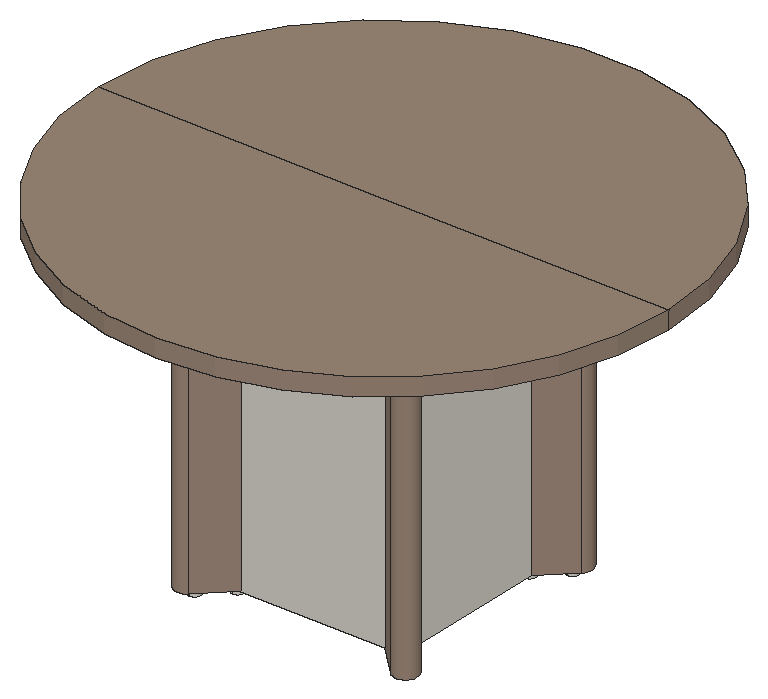
Revit family "Table-Teknion-CFRFFN_Figure_Table_Round_Gable_Enclosed_Base_Flat_Edge-R2023", category Furniture, Revit 2023
Family settings
  OmniClass Number = 23.40.20.00
  OmniClass Title = General Furniture and Specialties
  Work Plane-Based = No
  Enable Cutting in Views = No
  Always vertical = Yes
  Cut with Voids When Loaded = No
  Render Appearance Source = Family Geometry
  Shared = Yes
  Room Calculation Point = No
Parameters (values of type "Figure Table, Round, Gable Enclosed Base, Flat Edge")
  Width [instance] = 48.000"
  Warranty = "http://www.teknion.com/ca/papers/legal-canada"
  Unit Weight URL = "http://www.teknion.com/ca/tools/assets#&asset=bee6a381-b954-425e-8283-5a2de3a804f2,f828d448-4b62-4231-9e5f-9a8991c0ed77"
  URL = "www.teknion.com"
  Top Finish [instance] = Veneer -Teknion - UU - Rustic Oak - Sierra
  To render please download texture images found here [instance] = "https://assets.teknion.com/web/5e81352c1dfdb467/revit-material-swatches/"
  Sustainability Data = "https://www.teknion.com/ca/tools/assets#&topic=216f99a5-57a0-44fc-b10a-9dee9b29ae4c&asset=444deb64-fe58-4b68-981e-f75e97781df7,b4ff2d81-9f2e-437d-9659-7cffb09c31cf"
  Surface Power Access [instance] = if(Width > 75.000", "Select one option for surface power access. AB are not available for selected width.", if(Width = 48.000", "Only NN available for selected width.", "Select one option for surface power access. AF are not available for selected width."))  # "Only NN available for selected width."
  Series = "Custom Wood Boardroom & Reception Tables"  # constant formula
  Product Page URL = "https://www.teknion.com/ca/products/product-details?productLineId=f182336e-8e7a-673b-a6c8-ff00004460c4"
  Product Line = "Figure Table"  # constant formula
  Product Documentation Link = "https://d2r72yk5wmppdj.cloudfront.net/m/7b6608f508e3c5a8/Community_Table_Cut_Sheet.pdf"
  Part Number = "CFRFFN"  # constant formula
  NN - None [instance] = not((or([AB - 7" Compact Access Door], [AF - 12" Standard Access Door])))  # yes
  Model = "CFRFFN__"
  Manufacturer Phone = "416-661-3370"  # constant formula
  Manufacturer Fax = "416.661.4586"  # constant formula
  Manufacturer Contact Information = "http://www.teknion.com/ca/contactus"
  Manufacturer Address = "1150 Flint Road, Toronto, ON. M3J 2J5. Canada"  # constant formula
  Manufacturer = "Teknion"  # constant formula
  MR - 78W + AF [instance] = and(Width = 78.000", [AF - 12" Standard Access Door])  # no
  How To Use Teknion Materials User Guide [instance] = "https://assets.teknion.com/m/205dd0a49fa58060/original/How-to-add-a-Material-Library-and-Texture-Images-to-your-Revit-project.pdf"
  Glide Finish [instance] = Paint - Teknion - Foundation - Sand
  For Additional Finishes please visit [instance] = "https://assets.teknion.com/m/44a8009b046e5d47/original/Teknion_Materials_Library.zip"
  Dim 1 [instance] = if([2 - AB], 6.000", if(Width = 90.000", 15.000", if(Width = 84.000", 12.000", 9.000")))  # 9.000"
  Description = "Figure Table, Round, Gable Enclosed Base, Flat Edge"
  Default Elevation = 0.000"
  Cut-Out - AF [instance] = if([AF - 12" Standard Access Door], 5.000", 0.300")  # 0.300"
  Cut-Out - AB 2 [instance] = if([2 - AB], 4.000", 0.300")  # 0.300"
  Cut-Out - AB 1 [instance] = if([1 - AB], 4.000", 0.300")  # 0.300"
  Base Finish [instance] = Veneer -Teknion - UU - Rustic Oak - Sierra
  Base Accent Finish [instance] = Paint - Teknion - Foundation - Sand
  Available Width [instance] = "48, 54, 60, 66, 72, 78, 84 & 90 Inch"  # constant formula
  Assembly Code = "E2020200"
  Access Door Finish [instance] = Paint - Teknion - Foundation - Sand
  AF - 12" Standard Access Door [instance] = no
  AB - 7" Compact Access Door [instance] = no
  2 - AB [instance] = and((or(Width = 66.000", Width = 72.000")), [AB - 7" Compact Access Door])  # no
  1 - AB [instance] = and((or(Width = 54.000", Width = 60.000")), [AB - 7" Compact Access Door])  # no
Reference planes (in)
  plane 1 "Center Front/Back": y = 0
  plane 2: z = 0
  plane 3 "Center Left/Right": x = 0
  plane 4 "Left": x = -24
  plane 5 "Right": x = 24
  plane 6 "Back": y = 24
  plane 7 "Front": y = -24
  plane 8 "Top": z = 29
  plane 9: y = 9
  plane 10: y = -9
  plane 11: z = 27.5
  plane 12: z = 26.75197
Forms (in)
  Revolve 1, solid, material "Veneer -Teknion - UU - Rustic Oak - Sierra" <- "Top Finish"
    sketch origin (0, 0, 0) x (1, 0, 0) y (0, 0, 1)
      loop
        line (0, 29) -> (0, 27.5) -> (24, 27.5) -> (24, 29) -> (0, 29)
      axis (0, 29) -> (0, 27.5)
    angle from 0 to 360
  Revolve 2, solid, material "Veneer -Teknion - UU - Rustic Oak - Sierra" <- "Top Finish"
    sketch origin (0, 0, 0) x (1, 0, 0) y (0, 0, 1)
      loop
        line (7, 27.5) -> (7, 26.75197) -> (16, 26.75197) -> (16, 27.5) -> (7, 27.5)
      axis (0, 27.5) -> (0, 26.75197)
    angle from 0 to 360
  Sweep 3, void
    path origin (0, 0, 0) x (1, 0, 0) y (0, 0, 1)
      loop
        line (0, 32.19606) -> (0, 32.49606)
    profile origin (0, 0, 32.34606) x (-1, 0, 0) y (0, -1, 0)
      loop
        line (-5.91732, 11.29921) -> (-5.91732, 6.70079)
        arc (-5.91732, 6.70079) -> (-5.80201, 6.4224) -> (-5.52362, 6.30709) r 0.3937
        line (-5.52362, 6.30709) -> (5.52362, 6.30709)
        arc (5.52362, 6.30709) -> (5.80201, 6.4224) -> (5.91732, 6.70079) r 0.3937
        line (5.91732, 6.70079) -> (5.91732, 11.29921)
        arc (5.91732, 11.29921) -> (5.80201, 11.5776) -> (5.52362, 11.69291) r 0.3937
        line (5.52362, 11.69291) -> (-5.52362, 11.69291)
        arc (-5.52362, 11.69291) -> (-5.80201, 11.5776) -> (-5.91732, 11.29921) r 0.3937
      loop
        line (-5.91732, -6.70079) -> (-5.91732, -11.29921)
        arc (-5.91732, -11.29921) -> (-5.80201, -11.5776) -> (-5.52362, -11.69291) r 0.3937
        line (-5.52362, -11.69291) -> (5.52362, -11.69291)
        arc (5.52362, -11.69291) -> (5.80201, -11.5776) -> (5.91732, -11.29921) r 0.3937
        line (5.91732, -11.29921) -> (5.91732, -6.70079)
        arc (5.91732, -6.70079) -> (5.80201, -6.4224) -> (5.52362, -6.30709) r 0.3937
        line (5.52362, -6.30709) -> (-5.52362, -6.30709)
        arc (-5.52362, -6.30709) -> (-5.80201, -6.4224) -> (-5.91732, -6.70079) r 0.3937
  Sweep 4, void
    path origin (0, 0, 0) x (1, 0, 0) y (0, 0, 1)
      loop
        line (0, 22.79606) -> (0, 22.49606)
    profile origin (0, 0, 22.64606) x (0, -1, 0) y (1, 0, 0)
      loop
        line (5.25, 8) -> (5.25, -8)
        arc (5.25, -8) -> (5.39645, -8.35355) -> (5.75, -8.5) r 0.5
        line (5.75, -8.5) -> (12.25, -8.5)
        arc (12.25, -8.5) -> (12.60355, -8.35355) -> (12.75, -8) r 0.5
        line (12.75, -8) -> (12.75, 8)
        arc (12.75, 8) -> (12.60355, 8.35355) -> (12.25, 8.5) r 0.5
        line (12.25, 8.5) -> (5.75, 8.5)
        arc (5.75, 8.5) -> (5.39645, 8.35355) -> (5.25, 8) r 0.5
      loop
        line (-5.25, -8) -> (-5.25, 8)
        arc (-5.25, 8) -> (-5.39645, 8.35355) -> (-5.75, 8.5) r 0.5
        line (-5.75, 8.5) -> (-12.25, 8.5)
        arc (-12.25, 8.5) -> (-12.60355, 8.35355) -> (-12.75, 8) r 0.5
        line (-12.75, 8) -> (-12.75, -8)
        arc (-12.75, -8) -> (-12.60355, -8.35355) -> (-12.25, -8.5) r 0.5
        line (-12.25, -8.5) -> (-5.75, -8.5)
        arc (-5.75, -8.5) -> (-5.39645, -8.35355) -> (-5.25, -8) r 0.5
  Sweep 5, void
    path origin (0, 0, 0) x (1, 0, 0) y (0, 0, 1)
      loop
        line (0, 31.2) -> (0, 31.5)
    profile origin (0, 0, 31.35) x (-1, 0, 0) y (0, -1, 0)
      loop
        line (3.00394, 2.69291) -> (-3.00394, 2.69291)
        arc (-3.00394, 2.69291) -> (-3.28233, 2.5776) -> (-3.39764, 2.29921) r 0.3937
        line (-3.39764, 2.29921) -> (-3.39764, -2.29921)
        arc (-3.39764, -2.29921) -> (-3.28233, -2.5776) -> (-3.00394, -2.69291) r 0.3937
        line (-3.00394, -2.69291) -> (3.00394, -2.69291)
        arc (3.00394, -2.69291) -> (3.28233, -2.5776) -> (3.39764, -2.29921) r 0.3937
        line (3.39764, -2.29921) -> (3.39764, 2.29921)
        arc (3.39764, 2.29921) -> (3.28233, 2.5776) -> (3.00394, 2.69291) r 0.3937
  Sweep 6, void
    path origin (0, 0, 0) x (1, 0, 0) y (0, 0, 1)
      loop
        line (0, 31.5) -> (0, 31.2)
    profile origin (0, 0, 31.35) x (0, -1, 0) y (1, 0, 0)
      loop
        line (6.30709, 3.00394) -> (6.30709, -3.00394)
        arc (6.30709, -3.00394) -> (6.4224, -3.28233) -> (6.70079, -3.39764) r 0.3937
        line (6.70079, -3.39764) -> (11.29921, -3.39764)
        arc (11.29921, -3.39764) -> (11.5776, -3.28233) -> (11.69291, -3.00394) r 0.3937
        line (11.69291, -3.00394) -> (11.69291, 3.00394)
        arc (11.69291, 3.00394) -> (11.5776, 3.28233) -> (11.29921, 3.39764) r 0.3937
        line (11.29921, 3.39764) -> (6.70079, 3.39764)
        arc (6.70079, 3.39764) -> (6.4224, 3.28233) -> (6.30709, 3.00394) r 0.3937
      loop
        arc (-6.30709, 3.00394) -> (-6.4224, 3.28233) -> (-6.70079, 3.39764) r 0.3937
        line (-6.70079, 3.39764) -> (-11.29921, 3.39764)
        arc (-11.29921, 3.39764) -> (-11.5776, 3.28233) -> (-11.69291, 3.00394) r 0.3937
        line (-11.69291, 3.00394) -> (-11.69291, -3.00394)
        arc (-11.69291, -3.00394) -> (-11.5776, -3.28233) -> (-11.29921, -3.39764) r 0.3937
        line (-11.29921, -3.39764) -> (-6.70079, -3.39764)
        arc (-6.70079, -3.39764) -> (-6.4224, -3.28233) -> (-6.30709, -3.00394) r 0.3937
        line (-6.30709, -3.00394) -> (-6.30709, 3.00394)
  Sweep 7, void
    path origin (0, 0, 0) x (1, 0, 0) y (0, 0, 1)
      loop
        line (0, 23.5) -> (0, 23.8)
    profile origin (0, 0, 23.65) x (-1, 0, 0) y (0, -1, 0)
      loop
        line (-6, 12.25) -> (-6, 5.75)
        arc (-6, 5.75) -> (-5.85355, 5.39645) -> (-5.5, 5.25) r 0.5
        line (-5.5, 5.25) -> (5.5, 5.25)
        arc (5.5, 5.25) -> (5.85355, 5.39645) -> (6, 5.75) r 0.5
        line (6, 5.75) -> (6, 12.25)
        arc (6, 12.25) -> (5.85355, 12.60355) -> (5.5, 12.75) r 0.5
        line (5.5, 12.75) -> (-5.5, 12.75)
        arc (-5.5, 12.75) -> (-5.85355, 12.60355) -> (-6, 12.25) r 0.5
      loop
        arc (-6, -12.25) -> (-5.85355, -12.60355) -> (-5.5, -12.75) r 0.5
        line (-5.5, -12.75) -> (5.5, -12.75)
        arc (5.5, -12.75) -> (5.85355, -12.60355) -> (6, -12.25) r 0.5
        line (6, -12.25) -> (6, -5.75)
        arc (6, -5.75) -> (5.85355, -5.39645) -> (5.5, -5.25) r 0.5
        line (5.5, -5.25) -> (-5.5, -5.25)
        arc (-5.5, -5.25) -> (-5.85355, -5.39645) -> (-6, -5.75) r 0.5
        line (-6, -5.75) -> (-6, -12.25)
Cuts and joins
  Sweep 3, Sweep 5, Sweep 6 cuts Revolve 1
  Sweep 4, Sweep 7 cuts Revolve 2
  joined: Revolve 1, Revolve 2
Lines and regions (in)
  Masking region 1, visible <- "NN - None"
    outline origin (0, 0, 0) x (1, 0, 0) y (0, 1, 0)
      loop
        circle (0, 0) r 24
  Masking region 2, visible <- "1 - AB"
    outline origin (0, 0, 0) x (1, 0, 0) y (0, 1, 0)
      loop
        circle (0, 0) r 24
      loop
        arc (3.0315, 1.96727) -> (3.11414, 1.93304) -> (3.14837, 1.85039) r 0.11687
        line (3.14837, 1.85039) -> (3.14837, 1.55173) -> (3.22045, 1.55173) -> (3.22045, 2.28346)
        arc (3.22045, 2.28346) -> (3.15242, 2.4477) -> (2.98819, 2.51573) r 0.23226
        line (2.98819, 2.51573) -> (-2.98819, 2.51573)
        arc (-2.98819, 2.51573) -> (-3.15242, 2.4477) -> (-3.22045, 2.28346) r 0.23226
        line (-3.22045, 2.28346) -> (-3.22045, 1.55173) -> (-3.14837, 1.55173) -> (-3.14837, 1.85039)
        arc (-3.14837, 1.85039) -> (-3.11414, 1.93304) -> (-3.0315, 1.96727) r 0.11687
        line (-3.0315, 1.96727) -> (3.0315, 1.96727)
      loop
        arc (-3.0315, -1.96727) -> (-3.11414, -1.93304) -> (-3.14837, -1.85039) r 0.11687
        line (-3.14837, -1.85039) -> (-3.14837, -1.55173) -> (-3.22045, -1.55173) -> (-3.22045, -2.28346)
        arc (-3.22045, -2.28346) -> (-3.15242, -2.4477) -> (-2.98819, -2.51573) r 0.23226
        line (-2.98819, -2.51573) -> (2.98819, -2.51573)
        arc (2.98819, -2.51573) -> (3.15242, -2.4477) -> (3.22045, -2.28346) r 0.23226
        line (3.22045, -2.28346) -> (3.22045, -1.55173) -> (3.14837, -1.55173) -> (3.14837, -1.85039)
        arc (3.14837, -1.85039) -> (3.11414, -1.93304) -> (3.0315, -1.96727) r 0.11687
        line (3.0315, -1.96727) -> (-3.0315, -1.96727)
  Masking region 3, visible <- "AF - 12" Standard Access Door"
    outline origin (0, 0, 0) x (1, 0, 0) y (0, 1, 0)
      loop
        circle (0, 0) r 24
      loop
        arc (-5.55118, -10.96727) -> (-5.63382, -10.93304) -> (-5.66805, -10.85039) r 0.11687
        line (-5.66805, -10.85039) -> (-5.66805, -10.55173) -> (-5.74014, -10.55173) -> (-5.74014, -11.28346)
        arc (-5.74014, -11.28346) -> (-5.67211, -11.4477) -> (-5.50787, -11.51573) r 0.23226
        line (-5.50787, -11.51573) -> (5.50787, -11.51573)
        arc (5.50787, -11.51573) -> (5.67211, -11.4477) -> (5.74014, -11.28346) r 0.23226
        line (5.74014, -11.28346) -> (5.74014, -10.55173) -> (5.66805, -10.55173) -> (5.66805, -10.85039)
        arc (5.66805, -10.85039) -> (5.63382, -10.93304) -> (5.55118, -10.96727) r 0.11687
        line (5.55118, -10.96727) -> (-5.55118, -10.96727)
      loop
        arc (-5.50787, -6.48427) -> (-5.67211, -6.5523) -> (-5.74014, -6.71654) r 0.23226
        line (-5.74014, -6.71654) -> (-5.74014, -7.44827) -> (-5.66805, -7.44827) -> (-5.66805, -7.14961)
        arc (-5.66805, -7.14961) -> (-5.63382, -7.06696) -> (-5.55118, -7.03273) r 0.11687
        line (-5.55118, -7.03273) -> (5.55118, -7.03273)
        arc (5.55118, -7.03273) -> (5.63382, -7.06696) -> (5.66805, -7.14961) r 0.11687
        line (5.66805, -7.14961) -> (5.66805, -7.44827) -> (5.74014, -7.44827) -> (5.74014, -6.71654)
        arc (5.74014, -6.71654) -> (5.67211, -6.5523) -> (5.50787, -6.48427) r 0.23226
        line (5.50787, -6.48427) -> (-5.50787, -6.48427)
      loop
        arc (5.55118, 10.96727) -> (5.63382, 10.93304) -> (5.66805, 10.85039) r 0.11687
        line (5.66805, 10.85039) -> (5.66805, 10.55173) -> (5.74014, 10.55173) -> (5.74014, 11.28346)
        arc (5.74014, 11.28346) -> (5.67211, 11.4477) -> (5.50787, 11.51573) r 0.23226
        line (5.50787, 11.51573) -> (-5.50787, 11.51573)
        arc (-5.50787, 11.51573) -> (-5.67211, 11.4477) -> (-5.74014, 11.28346) r 0.23226
        line (-5.74014, 11.28346) -> (-5.74014, 10.55173) -> (-5.66805, 10.55173) -> (-5.66805, 10.85039)
        arc (-5.66805, 10.85039) -> (-5.63382, 10.93304) -> (-5.55118, 10.96727) r 0.11687
        line (-5.55118, 10.96727) -> (5.55118, 10.96727)
      loop
        arc (-5.55118, 7.03273) -> (-5.63382, 7.06696) -> (-5.66805, 7.14961) r 0.11687
        line (-5.66805, 7.14961) -> (-5.66805, 7.44827) -> (-5.74014, 7.44827) -> (-5.74014, 6.71654)
        arc (-5.74014, 6.71654) -> (-5.67211, 6.5523) -> (-5.50787, 6.48427) r 0.23226
        line (-5.50787, 6.48427) -> (5.50787, 6.48427)
        arc (5.50787, 6.48427) -> (5.67211, 6.5523) -> (5.74014, 6.71654) r 0.23226
        line (5.74014, 6.71654) -> (5.74014, 7.44827) -> (5.66805, 7.44827) -> (5.66805, 7.14961)
        arc (5.66805, 7.14961) -> (5.63382, 7.06696) -> (5.55118, 7.03273) r 0.11687
        line (5.55118, 7.03273) -> (-5.55118, 7.03273)
  Masking region 4, visible <- "2 - AB"
    outline origin (0, 0, 0) x (1, 0, 0) y (0, 1, 0)
      loop
        circle (0, 0) r 24
      loop
        arc (3.0315, 10.96727) -> (3.11414, 10.93304) -> (3.14837, 10.85039) r 0.11687
        line (3.14837, 10.85039) -> (3.14837, 10.55173) -> (3.22045, 10.55173) -> (3.22045, 11.28346)
        arc (3.22045, 11.28346) -> (3.15242, 11.4477) -> (2.98819, 11.51573) r 0.23226
        line (2.98819, 11.51573) -> (-2.98819, 11.51573)
        arc (-2.98819, 11.51573) -> (-3.15242, 11.4477) -> (-3.22045, 11.28346) r 0.23226
        line (-3.22045, 11.28346) -> (-3.22045, 10.55173) -> (-3.14837, 10.55173) -> (-3.14837, 10.85039)
        arc (-3.14837, 10.85039) -> (-3.11414, 10.93304) -> (-3.0315, 10.96727) r 0.11687
        line (-3.0315, 10.96727) -> (3.0315, 10.96727)
      loop
        arc (-3.0315, 7.03273) -> (-3.11414, 7.06696) -> (-3.14837, 7.14961) r 0.11687
        line (-3.14837, 7.14961) -> (-3.14837, 7.44827) -> (-3.22045, 7.44827) -> (-3.22045, 6.71654)
        arc (-3.22045, 6.71654) -> (-3.15242, 6.5523) -> (-2.98819, 6.48427) r 0.23226
        line (-2.98819, 6.48427) -> (2.98819, 6.48427)
        arc (2.98819, 6.48427) -> (3.15242, 6.5523) -> (3.22045, 6.71654) r 0.23226
        line (3.22045, 6.71654) -> (3.22045, 7.44827) -> (3.14837, 7.44827) -> (3.14837, 7.14961)
        arc (3.14837, 7.14961) -> (3.11414, 7.06696) -> (3.0315, 7.03273) r 0.11687
        line (3.0315, 7.03273) -> (-3.0315, 7.03273)
      loop
        arc (3.0315, -7.03273) -> (3.11414, -7.06696) -> (3.14837, -7.14961) r 0.11687
        line (3.14837, -7.14961) -> (3.14837, -7.44827) -> (3.22045, -7.44827) -> (3.22045, -6.71654)
        arc (3.22045, -6.71654) -> (3.15242, -6.5523) -> (2.98819, -6.48427) r 0.23226
        line (2.98819, -6.48427) -> (-2.98819, -6.48427)
        arc (-2.98819, -6.48427) -> (-3.15242, -6.5523) -> (-3.22045, -6.71654) r 0.23226
        line (-3.22045, -6.71654) -> (-3.22045, -7.44827) -> (-3.14837, -7.44827) -> (-3.14837, -7.14961)
        arc (-3.14837, -7.14961) -> (-3.11414, -7.06696) -> (-3.0315, -7.03273) r 0.11687
        line (-3.0315, -7.03273) -> (3.0315, -7.03273)
      loop
        arc (-3.0315, -10.96727) -> (-3.11414, -10.93304) -> (-3.14837, -10.85039) r 0.11687
        line (-3.14837, -10.85039) -> (-3.14837, -10.55173) -> (-3.22045, -10.55173) -> (-3.22045, -11.28346)
        arc (-3.22045, -11.28346) -> (-3.15242, -11.4477) -> (-2.98819, -11.51573) r 0.23226
        line (-2.98819, -11.51573) -> (2.98819, -11.51573)
        arc (2.98819, -11.51573) -> (3.15242, -11.4477) -> (3.22045, -11.28346) r 0.23226
        line (3.22045, -11.28346) -> (3.22045, -10.55173) -> (3.14837, -10.55173) -> (3.14837, -10.85039)
        arc (3.14837, -10.85039) -> (3.11414, -10.93304) -> (3.0315, -10.96727) r 0.11687
        line (3.0315, -10.96727) -> (-3.0315, -10.96727)
  Masking region 5, visible <- "1 - AB"
    outline origin (0, 0, 0) x (1, 0, 0) y (0, 1, 0)
      loop
        line (-0.55305, 1.96727) -> (-1.10151, 2.51573) -> (-2.98819, 2.51573)
        arc (-2.98819, 2.51573) -> (-3.15242, 2.4477) -> (-3.22045, 2.28346) r 0.23226
        line (-3.22045, 2.28346) -> (-3.22045, 1.80624) -> (-3.14837, 1.73416) -> (-3.14837, 1.85039)
        arc (-3.14837, 1.85039) -> (-3.11414, 1.93304) -> (-3.0315, 1.96727) r 0.11687
        line (-3.0315, 1.96727) -> (-0.55305, 1.96727)
      loop
        line (0.55305, 1.96727) -> (3.0315, 1.96727)
        arc (3.0315, 1.96727) -> (3.11414, 1.93304) -> (3.14837, 1.85039) r 0.11687
        line (3.14837, 1.85039) -> (3.14837, 1.73416) -> (3.22045, 1.80624) -> (3.22045, 2.28346)
        arc (3.22045, 2.28346) -> (3.15242, 2.4477) -> (2.98819, 2.51573) r 0.23226
        line (2.98819, 2.51573) -> (1.10151, 2.51573) -> (0.55305, 1.96727)
      loop
        arc (-3.0315, -1.96727) -> (-3.11414, -1.93304) -> (-3.14837, -1.85039) r 0.11687
        line (-3.14837, -1.85039) -> (-3.14837, -1.73416) -> (-3.22045, -1.80624) -> (-3.22045, -2.28346)
        arc (-3.22045, -2.28346) -> (-3.15242, -2.4477) -> (-2.98819, -2.51573) r 0.23226
        line (-2.98819, -2.51573) -> (-1.10151, -2.51573) -> (-0.55305, -1.96727) -> (-3.0315, -1.96727)
      loop
        arc (2.98819, -2.51573) -> (3.15242, -2.4477) -> (3.22045, -2.28346) r 0.23226
        line (3.22045, -2.28346) -> (3.22045, -1.80624) -> (3.14837, -1.73416) -> (3.14837, -1.85039)
        arc (3.14837, -1.85039) -> (3.11414, -1.93304) -> (3.0315, -1.96727) r 0.11687
        line (3.0315, -1.96727) -> (0.55305, -1.96727) -> (1.10151, -2.51573) -> (2.98819, -2.51573)
  Masking region 6, visible <- "2 - AB"
    outline origin (0, 0, 0) x (1, 0, 0) y (0, 1, 0)
      loop
        line (-2.61852, -7.03273) -> (-2.07006, -6.48427) -> (-2.98819, -6.48427)
        arc (-2.98819, -6.48427) -> (-3.15242, -6.5523) -> (-3.22045, -6.71654) r 0.23226
        line (-3.22045, -6.71654) -> (-3.22045, -7.44827) -> (-3.14837, -7.44827) -> (-3.14837, -7.14961)
        arc (-3.14837, -7.14961) -> (-3.11414, -7.06696) -> (-3.0315, -7.03273) r 0.11687
        line (-3.0315, -7.03273) -> (-2.61852, -7.03273)
      loop
        line (2.61852, -7.03273) -> (3.0315, -7.03273)
        arc (3.0315, -7.03273) -> (3.11414, -7.06696) -> (3.14837, -7.14961) r 0.11687
        line (3.14837, -7.14961) -> (3.14837, -7.44827) -> (3.22045, -7.44827) -> (3.22045, -6.71654)
        arc (3.22045, -6.71654) -> (3.15242, -6.5523) -> (2.98819, -6.48427) r 0.23226
        line (2.98819, -6.48427) -> (2.07006, -6.48427) -> (2.61852, -7.03273)
      loop
        line (-2.61852, 7.03273) -> (-3.0315, 7.03273)
        arc (-3.0315, 7.03273) -> (-3.11414, 7.06696) -> (-3.14837, 7.14961) r 0.11687
        line (-3.14837, 7.14961) -> (-3.14837, 7.44827) -> (-3.22045, 7.44827) -> (-3.22045, 6.71654)
        arc (-3.22045, 6.71654) -> (-3.15242, 6.5523) -> (-2.98819, 6.48427) r 0.23226
        line (-2.98819, 6.48427) -> (-2.07006, 6.48427) -> (-2.61852, 7.03273)
      loop
        line (2.61852, 7.03273) -> (2.07006, 6.48427) -> (2.98819, 6.48427)
        arc (2.98819, 6.48427) -> (3.15242, 6.5523) -> (3.22045, 6.71654) r 0.23226
        line (3.22045, 6.71654) -> (3.22045, 7.44827) -> (3.14837, 7.44827) -> (3.14837, 7.14961)
        arc (3.14837, 7.14961) -> (3.11414, 7.06696) -> (3.0315, 7.03273) r 0.11687
        line (3.0315, 7.03273) -> (2.61852, 7.03273)
  Masking region 7, visible <- "MR - 78W + AF"
    outline origin (0, 0, 0) x (1, 0, 0) y (0, 1, 0)
      loop
        line (-5.74014, -7.15435) -> (-5.07006, -6.48427) -> (-5.50787, -6.48427)
        arc (-5.50787, -6.48427) -> (-5.67211, -6.5523) -> (-5.74014, -6.71654) r 0.23226
        line (-5.74014, -6.71654) -> (-5.74014, -7.15435)
      loop
        line (5.74014, -7.15435) -> (5.74014, -6.71654)
        arc (5.74014, -6.71654) -> (5.67211, -6.5523) -> (5.50787, -6.48427) r 0.23226
        line (5.50787, -6.48427) -> (5.07006, -6.48427) -> (5.74014, -7.15435)
      loop
        line (-5.74014, 7.15435) -> (-5.74014, 6.71654)
        arc (-5.74014, 6.71654) -> (-5.67211, 6.5523) -> (-5.50787, 6.48427) r 0.23226
        line (-5.50787, 6.48427) -> (-5.07006, 6.48427) -> (-5.74014, 7.15435)
      loop
        line (5.74014, 7.15435) -> (5.07006, 6.48427) -> (5.50787, 6.48427)
        arc (5.50787, 6.48427) -> (5.67211, 6.5523) -> (5.74014, 6.71654) r 0.23226
        line (5.74014, 6.71654) -> (5.74014, 7.15435)
  symbolic lines
    curve 1: line (0, -109.46563, 26.75197) -> (0, -109.46563, 30.75197)
    curve 2: line (0, -117.46563, 29) -> (0, -117.46563, 31.25)
  symbolic lines, style "FurnitureHiddenLines", visible <- "1 - AB", detail levels fine
    curve 3: line (3.00394, 2.69291, 0) -> (-3.00394, 2.69291, 0)
    curve 4: arc (-3.00394, 2.69291, 0) -> (-3.28233, 2.5776, 0) -> (-3.39764, 2.29921, 0) r 0.3937
    curve 5: line (-3.39764, 2.29921, 0) -> (-3.39764, -2.29921, 0)
    curve 6: arc (-3.39764, -2.29921, 0) -> (-3.28233, -2.5776, 0) -> (-3.00394, -2.69291, 0) r 0.3937
    curve 7: line (-3.00394, -2.69291, 0) -> (3.00394, -2.69291, 0)
    curve 8: arc (3.00394, -2.69291, 0) -> (3.28233, -2.5776, 0) -> (3.39764, -2.29921, 0) r 0.3937
    curve 9: line (3.39764, -2.29921, 0) -> (3.39764, 2.29921, 0)
    curve 10: arc (3.39764, 2.29921, 0) -> (3.28233, 2.5776, 0) -> (3.00394, 2.69291, 0) r 0.3937
  symbolic lines, style "FurnitureHiddenLines", visible <- "AF - 12" Standard Access Door", detail levels fine
    curve 11: line (5.52362, -6.30709, 0) -> (-5.52362, -6.30709, 0)
    curve 12: arc (-5.52362, -6.30709, 0) -> (-5.80201, -6.4224, 0) -> (-5.91732, -6.70079, 0) r 0.3937
    curve 13: line (-5.91732, -6.70079, 0) -> (-5.91732, -11.29921, 0)
    curve 14: arc (-5.91732, -11.29921, 0) -> (-5.80201, -11.5776, 0) -> (-5.52362, -11.69291, 0) r 0.3937
    curve 15: line (-5.52362, -11.69291, 0) -> (5.52362, -11.69291, 0)
    curve 16: arc (5.52362, -11.69291, 0) -> (5.80201, -11.5776, 0) -> (5.91732, -11.29921, 0) r 0.3937
    curve 17: line (5.91732, -11.29921, 0) -> (5.91732, -6.70079, 0)
    curve 18: arc (5.91732, -6.70079, 0) -> (5.80201, -6.4224, 0) -> (5.52362, -6.30709, 0) r 0.3937
    curve 19: line (-5.52362, 6.30709, 0) -> (5.52362, 6.30709, 0)
    curve 20: arc (5.52362, 6.30709, 0) -> (5.80201, 6.4224, 0) -> (5.91732, 6.70079, 0) r 0.3937
    curve 21: line (5.91732, 6.70079, 0) -> (5.91732, 11.29921, 0)
    curve 22: arc (5.91732, 11.29921, 0) -> (5.80201, 11.5776, 0) -> (5.52362, 11.69291, 0) r 0.3937
    curve 23: line (5.52362, 11.69291, 0) -> (-5.52362, 11.69291, 0)
    curve 24: arc (-5.52362, 11.69291, 0) -> (-5.80201, 11.5776, 0) -> (-5.91732, 11.29921, 0) r 0.3937
    curve 25: line (-5.91732, 11.29921, 0) -> (-5.91732, 6.70079, 0)
    curve 26: arc (-5.91732, 6.70079, 0) -> (-5.80201, 6.4224, 0) -> (-5.52362, 6.30709, 0) r 0.3937
  reference lines
    curve 27: line (-24, 24, 0) -> (24, 24, 0)
    curve 28: line (24, 24, 0) -> (24, -24, 0)
    curve 29: line (-24, -24, 0) -> (24, -24, 0)
    curve 30: line (-24, 24, 0) -> (-24, -24, 0)
  symbolic lines, style "FurnitureHiddenLines", visible <- "2 - AB", detail levels fine
    curve 31: line (-3.39764, 11.29921, 0) -> (-3.39764, 6.70079, 0)
    curve 32: arc (-3.39764, 6.70079, 0) -> (-3.28233, 6.4224, 0) -> (-3.00394, 6.30709, 0) r 0.3937
    curve 33: line (-3.00394, 6.30709, 0) -> (3.00394, 6.30709, 0)
    curve 34: arc (3.00394, 6.30709, 0) -> (3.28233, 6.4224, 0) -> (3.39764, 6.70079, 0) r 0.3937
    curve 35: line (3.39764, 6.70079, 0) -> (3.39764, 11.29921, 0)
    curve 36: arc (3.39764, 11.29921, 0) -> (3.28233, 11.5776, 0) -> (3.00394, 11.69291, 0) r 0.3937
    curve 37: line (3.00394, 11.69291, 0) -> (-3.00394, 11.69291, 0)
    curve 38: arc (-3.00394, 11.69291, 0) -> (-3.28233, 11.5776, 0) -> (-3.39764, 11.29921, 0) r 0.3937
    curve 39: line (-3.39764, -6.70079, 0) -> (-3.39764, -11.29921, 0)
    curve 40: arc (-3.39764, -11.29921, 0) -> (-3.28233, -11.5776, 0) -> (-3.00394, -11.69291, 0) r 0.3937
    curve 41: line (-3.00394, -11.69291, 0) -> (3.00394, -11.69291, 0)
    curve 42: arc (3.00394, -11.69291, 0) -> (3.28233, -11.5776, 0) -> (3.39764, -11.29921, 0) r 0.3937
    curve 43: line (3.39764, -11.29921, 0) -> (3.39764, -6.70079, 0)
    curve 44: arc (3.39764, -6.70079, 0) -> (3.28233, -6.4224, 0) -> (3.00394, -6.30709, 0) r 0.3937
    curve 45: line (3.00394, -6.30709, 0) -> (-3.00394, -6.30709, 0)
    curve 46: arc (-3.00394, -6.30709, 0) -> (-3.28233, -6.4224, 0) -> (-3.39764, -6.70079, 0) r 0.3937
  symbolic lines, style "FurnitureHiddenLines", detail levels medium+fine
    curve 47: arc (16, 0, 0) -> (0, 16, 0) -> (-16, 0, 0) r 16
    curve 48: arc (-16, 0, 0) -> (0, -16, 0) -> (16, 0, 0) r 16
Dimensions and locks (in)
  "Width": plane 4 "Left" to plane 5 "Right"
  "Width": plane 6 "Back" to plane 7 "Front"
  locked: plane 8 "Top" to level at 29
  equal spacing: plane 6 "Back", plane 1 "Center Front/Back", plane 7 "Front"
  equal spacing: plane 4 "Left", plane 3 "Center Left/Right", plane 5 "Right"
  "Dim 1": plane 9 to plane 1 "Center Front/Back"
  "Dim 1": plane 10 to plane 1 "Center Front/Back"
  plane 8 "Top" to plane 11 to plane 12 = 1.500" locked, 0.74803" locked
  curve 2 to curve 1 = 8.000"
  locked: Revolve 2 sketch curve to plane 5 "Right" at 8
  locked: Sweep 3 sketch curve to plane 8 "Top" at 3.49606
  "Cut-Out - AF": Sweep 3 sketch curve to Sweep 3 sketch curve
  Sweep 3 sketch curve to Sweep 3 sketch curve to nested 2 to Sweep 3 sketch curve to Sweep 3 sketch curve = 0.3937" locked, 5.52362" locked, 5.52362" locked, 0.3937" locked
  Sweep 3 sketch curve to Sweep 3 sketch curve to nested 2 to Sweep 3 sketch curve to Sweep 3 sketch curve = 0.3937" locked, 2.29921" locked, 2.29921" locked, 0.3937" locked
  Sweep 3 sketch curve to Sweep 3 sketch curve to plane 10 to Sweep 3 sketch curve to Sweep 3 sketch curve = 0.3937" locked, 2.29921" locked, 2.29921" locked, 0.3937" locked
  Sweep 3 sketch curve to Sweep 3 sketch curve to plane 3 "Center Left/Right" to Sweep 3 sketch curve to Sweep 3 sketch curve = 0.3937" locked, 5.52362" locked, 5.52362" locked, 0.3937" locked
  "Cut-Out - AF": Sweep 4 sketch curve to Sweep 4 sketch curve
  locked: plane 12 to Sweep 4 sketch curve at 4.25591
  Sweep 4 sketch curve to Sweep 4 sketch curve to plane 10 to Sweep 4 sketch curve to Sweep 4 sketch curve = 0.500" locked, 3.250" locked, 3.250" locked, 0.500" locked
  Sweep 4 sketch curve to Sweep 4 sketch curve to plane 3 "Center Left/Right" to Sweep 4 sketch curve to Sweep 4 sketch curve = 0.500" locked, 8.000" locked, 8.000" locked, 0.500" locked  (x2)
  Sweep 4 sketch curve to Sweep 4 sketch curve to plane 9 to Sweep 4 sketch curve to Sweep 4 sketch curve = 0.500" locked, 3.250" locked, 3.250" locked, 0.500" locked
  "Cut-Out - AB 1": Sweep 5 sketch curve to Sweep 5 sketch curve
  locked: Sweep 5 sketch curve to plane 8 "Top" at 2.5
  Sweep 5 sketch curve to Sweep 5 sketch curve to plane 1 "Center Front/Back" to Sweep 5 sketch curve to Sweep 5 sketch curve = 0.3937" locked, 2.29921" locked, 2.29921" locked, 0.3937" locked
  Sweep 5 sketch curve to Sweep 5 sketch curve to plane 3 "Center Left/Right" to Sweep 5 sketch curve to Sweep 5 sketch curve = 0.3937" locked, 3.00394" locked, 3.00394" locked, 0.3937" locked
  "Cut-Out - AB 2": Sweep 6 sketch curve to Sweep 6 sketch curve
  locked: Sweep 6 sketch curve to plane 8 "Top" at 2.5
  Sweep 6 sketch curve to Sweep 6 sketch curve to plane 9 to Sweep 6 sketch curve to Sweep 6 sketch curve = 0.3937" locked, 2.29921" locked, 2.29921" locked, 0.3937" locked
  Sweep 6 sketch curve to Sweep 6 sketch curve to plane 10 to Sweep 6 sketch curve to Sweep 6 sketch curve = 0.3937" locked, 2.29921" locked, 2.29921" locked, 0.3937" locked
  Sweep 6 sketch curve to Sweep 6 sketch curve to plane 3 "Center Left/Right" to Sweep 6 sketch curve to Sweep 6 sketch curve = 0.3937" locked, 3.00394" locked, 3.00394" locked, 0.3937" locked  (x2)
  locked: plane 12 to Sweep 7 sketch curve at 3.25197
  "Cut-Out - AB 2": Sweep 7 sketch curve to Sweep 7 sketch curve
  Sweep 7 sketch curve to Sweep 7 sketch curve to plane 3 "Center Left/Right" to Sweep 7 sketch curve to Sweep 7 sketch curve = 0.500" locked, 5.500" locked, 5.500" locked, 0.500" locked  (x2)
  Sweep 7 sketch curve to Sweep 7 sketch curve to plane 10 to Sweep 7 sketch curve to Sweep 7 sketch curve = 0.500" locked, 3.250" locked, 3.250" locked, 0.500" locked
  Sweep 7 sketch curve to Sweep 7 sketch curve to plane 9 to Sweep 7 sketch curve to Sweep 7 sketch curve = 0.500" locked, 3.250" locked, 3.250" locked, 0.500" locked
  locked: Revolve 2 sketch curve to plane 3 "Center Left/Right" at 7
  plane 10 to Masking region 6 sketch curve to Masking region 6 sketch curve to Masking region 6 sketch curve to Masking region 6 sketch curve to Masking region 6 sketch curve = 1.55173" locked, 0.29867" locked, 0.11687" locked, 0.3162" locked, 0.23226" locked  (x2)
  Masking region 6 sketch curve to Masking region 6 sketch curve to Masking region 6 sketch curve to Masking region 6 sketch curve to plane 3 "Center Left/Right" = 0.07208" locked, 0.52985" locked, 0.54846" locked, 2.07006" locked  (x4)
  plane 9 to Masking region 6 sketch curve to Masking region 6 sketch curve to Masking region 6 sketch curve to Masking region 6 sketch curve to Masking region 6 sketch curve = 1.55173" locked, 0.29867" locked, 0.11687" locked, 0.3162" locked, 0.23226" locked  (x2)
  Masking region 7 sketch curve to Masking region 7 sketch curve to Masking region 7 sketch curve to plane 3 "Center Left/Right" = 0.23226" locked, 0.43781" locked, 5.07006" locked  (x4)
  plane 10 to Masking region 7 sketch curve to Masking region 7 sketch curve = 1.84565" locked, 0.67007" locked  (x2)
  plane 9 to Masking region 7 sketch curve to Masking region 7 sketch curve = 1.84565" locked, 0.67007" locked  (x2)
  aligned and locked: level to plane 2
  aligned and locked: Revolve 1 sketch curve to plane 8 "Top"
  aligned and locked: Revolve 1 sketch curve to plane 3 "Center Left/Right"  (x2)
  aligned and locked: plane 11 to Revolve 1 sketch curve
  aligned and locked: Revolve 2 sketch curve to plane 11
  aligned and locked: plane 12 to Revolve 2 sketch curve
  aligned and locked: Revolve 2 sketch curve to plane 3 "Center Left/Right"
  aligned and locked: plane 10 to nested 3
  aligned and locked: plane 3 "Center Left/Right" to nested 3
  aligned and locked: nested 2 to plane 9
  aligned and locked: plane 3 "Center Left/Right" to nested 2
  aligned and locked: plane 1 "Center Front/Back" to nested 1
  aligned and locked: plane 3 "Center Left/Right" to nested 1
  aligned and locked: plane 3 "Center Left/Right" to Sweep 3 sketch curve
  aligned and locked: plane 8 "Top" to nested 3
  aligned and locked: plane 8 "Top" to nested 2
  aligned and locked: plane 8 "Top" to nested 1
  aligned and locked: Sweep 4 sketch curve to plane 3 "Center Left/Right"
  aligned and locked: plane 3 "Center Left/Right" to Sweep 5 sketch curve
  aligned and locked: Masking region 1 sketch curve to cut or joined group of Revolve 1, Revolve 2, Sweep 3, Sweep 4, Sweep 5, Sweep 6, Sweep 7  (x2)
  aligned and locked: Masking region 2 sketch curve to cut or joined group of Revolve 1, Revolve 2, Sweep 3, Sweep 4, Sweep 5, Sweep 6, Sweep 7  (x2)
  aligned and locked: nested 1 to Masking region 2 sketch curve  (x5)
  aligned and locked: Masking region 2 sketch curve to nested 1  (x9)
  aligned and locked: Masking region 3 sketch curve to cut or joined group of Revolve 1, Revolve 2, Sweep 3, Sweep 4, Sweep 5, Sweep 6, Sweep 7  (x2)
  aligned and locked: nested 3 to Masking region 3 sketch curve  (x7)
  aligned and locked: Masking region 3 sketch curve to nested 3  (x9)
  aligned and locked: nested 2 to Masking region 3 sketch curve  (x5)
  aligned and locked: Masking region 3 sketch curve to nested 2  (x10)
  aligned and locked: curve 4 to Sweep 5
  aligned and locked: curve 6 to Sweep 5
  aligned and locked: curve 8 to Sweep 5
  aligned and locked: curve 10 to Sweep 5
  aligned and locked: curve 12 to Sweep 3
  aligned and locked: curve 14 to Sweep 3
  aligned and locked: curve 16 to Sweep 3
  aligned and locked: curve 18 to Sweep 3
  aligned and locked: curve 20 to Sweep 3
  aligned and locked: curve 22 to Sweep 3
  aligned and locked: curve 24 to Sweep 3
  aligned and locked: curve 26 to Sweep 3
  aligned and locked: curve 27 to plane 6 "Back"
  aligned and locked: plane 5 "Right" to curve 28
  aligned and locked: plane 7 "Front" to curve 29
  aligned and locked: curve 30 to plane 4 "Left"
  aligned and locked: plane 1 "Center Front/Back" to nested 4
  aligned and locked: plane 3 "Center Left/Right" to nested 4
  aligned and locked: nested 5 to plane 9
  aligned and locked: plane 10 to nested 6
  aligned and locked: plane 3 "Center Left/Right" to nested 6
  aligned and locked: plane 3 "Center Left/Right" to nested 5
  aligned and locked: Sweep 6 sketch curve to plane 3 "Center Left/Right"
  aligned and locked: plane 3 "Center Left/Right" to Sweep 7 sketch curve
  aligned and locked: curve 32 to Sweep 6
  aligned and locked: curve 34 to Sweep 6
  aligned and locked: curve 36 to Sweep 6
  aligned and locked: curve 38 to Sweep 6
  aligned and locked: curve 40 to Sweep 6
  aligned and locked: curve 42 to Sweep 6
  aligned and locked: curve 44 to Sweep 6
  aligned and locked: curve 46 to Sweep 6
  aligned and locked: Masking region 4 sketch curve to cut or joined group of Revolve 1, Revolve 2, Sweep 3, Sweep 4, Sweep 5, Sweep 6, Sweep 7  (x2)
  aligned and locked: nested 5 to Masking region 4 sketch curve  (x5)
  aligned and locked: Masking region 4 sketch curve to nested 5  (x9)
  aligned and locked: nested 6 to Masking region 4 sketch curve  (x5)
  aligned and locked: Masking region 4 sketch curve to nested 6  (x9)
  aligned and locked: plane 1 "Center Front/Back" to nested 7
  aligned and locked: nested 7 to plane 3 "Center Left/Right"
  aligned and locked: nested 7 to Masking region 5 sketch curve  (x7)
  aligned and locked: nested 1 to Masking region 5 sketch curve
  aligned and locked: Masking region 5 sketch curve to nested 1  (x8)
  aligned and locked: Masking region 5 sketch curve to nested 7
  aligned and locked: curve 47 to cut or joined group of Revolve 1, Revolve 2, Sweep 3, Sweep 4, Sweep 5, Sweep 6, Sweep 7
  aligned and locked: curve 48 to cut or joined group of Revolve 1, Revolve 2, Sweep 3, Sweep 4, Sweep 5, Sweep 6, Sweep 7
  aligned and locked: plane 5 "Right" to Revolve 1 sketch curve
Automatic sketch dimensions
  Revolve 1 sketch curve to plane 12 = 6.75197"
  curve 2 to plane 8 "Top" = 0.000"
  curve 1 to plane 12 = 0.000"
  plane 7 "Front" to curve 2 = 93.46563"
  plane 8 "Top" to curve 1 = 1.75197"
  plane 8 "Top" to curve 2 = 2.250"
  plane 1 "Center Front/Back" to Masking region 1 sketch curve = 0.000"  (x2)
  plane 1 "Center Front/Back" to Masking region 2 sketch curve = 0.000"  (x2)
  Masking region 2 sketch curve to Masking region 2 sketch curve = 0.000"
  plane 1 "Center Front/Back" to Masking region 3 sketch curve = 0.000"  (x2)
  plane 1 "Center Front/Back" to Masking region 4 sketch curve = 0.000"  (x2)
  Revolve 2 sketch curve to plane 12 = 6.39609"
  plane 8 "Top" to Revolve 2 sketch curve = 3.35588"
  plane 1 "Center Front/Back" to curve 47 = 0.000"  (x2)
  Revolve 1 sketch curve to Revolve 1 sketch curve = 6.000"
Nested families (in)
  nested 1: "7 Inch Compact Recessed Access Door" at (-1350, 150, -0.06), visible <- "1 - AB", Finish <- "Access Door Finish", type "7 Inch Compact Recessed Access Door"
    with To render please download texture images found here "https://assets.teknion.com/web/5e81352c1dfdb467/revit-material-swatches/", How To Use Teknion Materials User Guide "https://assets.teknion.com/m/205dd0a49fa58060/original/How-to-add-a-Material-Library-and-Texture-Images-to-your-Revit-project.pdf", For Additional Finishes please visit "https://assets.teknion.com/m/44a8009b046e5d47/original/Teknion_Materials_Library.zip", Finish Paint - Teknion - Foundation - Sand
  nested 2: "12 Inch Standard Recessed Access Door" at (-1350, 159, -0.06), visible <- "AF - 12" Standard Access Door", Finish <- "Access Door Finish", type "12 Inch Compact Recessed Access Door"
    with To render please download texture images found here "https://assets.teknion.com/web/5e81352c1dfdb467/revit-material-swatches/", How To Use Teknion Materials User Guide "https://assets.teknion.com/m/205dd0a49fa58060/original/How-to-add-a-Material-Library-and-Texture-Images-to-your-Revit-project.pdf", For Additional Finishes please visit "https://assets.teknion.com/m/44a8009b046e5d47/original/Teknion_Materials_Library.zip", Finish Paint - Teknion - Foundation - Sand
  nested 3: "12 Inch Standard Recessed Access Door" at (-1350, 141, -0.06), visible <- "AF - 12" Standard Access Door", Finish <- "Access Door Finish", type "12 Inch Compact Recessed Access Door"
    with To render please download texture images found here "https://assets.teknion.com/web/5e81352c1dfdb467/revit-material-swatches/", How To Use Teknion Materials User Guide "https://assets.teknion.com/m/205dd0a49fa58060/original/How-to-add-a-Material-Library-and-Texture-Images-to-your-Revit-project.pdf", For Additional Finishes please visit "https://assets.teknion.com/m/44a8009b046e5d47/original/Teknion_Materials_Library.zip", Finish Paint - Teknion - Foundation - Sand
  nested 4: "Teknion_2D_Node_Family-R2016" at (0, 0, 0), type "Teknion_2D_Node_Family-R2016"
  nested 5: "7 Inch Compact Recessed Access Door" at (-1350, 159, -0.06), visible <- "2 - AB", Finish <- "Access Door Finish", type "7 Inch Compact Recessed Access Door"
    with To render please download texture images found here "https://assets.teknion.com/web/5e81352c1dfdb467/revit-material-swatches/", How To Use Teknion Materials User Guide "https://assets.teknion.com/m/205dd0a49fa58060/original/How-to-add-a-Material-Library-and-Texture-Images-to-your-Revit-project.pdf", For Additional Finishes please visit "https://assets.teknion.com/m/44a8009b046e5d47/original/Teknion_Materials_Library.zip", Finish Paint - Teknion - Foundation - Sand
  nested 6: "7 Inch Compact Recessed Access Door" at (-1350, 141, -0.06), visible <- "2 - AB", Finish <- "Access Door Finish", type "7 Inch Compact Recessed Access Door"
    with To render please download texture images found here "https://assets.teknion.com/web/5e81352c1dfdb467/revit-material-swatches/", How To Use Teknion Materials User Guide "https://assets.teknion.com/m/205dd0a49fa58060/original/How-to-add-a-Material-Library-and-Texture-Images-to-your-Revit-project.pdf", For Additional Finishes please visit "https://assets.teknion.com/m/44a8009b046e5d47/original/Teknion_Materials_Library.zip", Finish Paint - Teknion - Foundation - Sand
  nested 7: "Round - Gable Enclosed Base" at (0, 0, 0), Width <- "Width", Base Finish <- "Base Finish", Glide Finish <- "Glide Finish", Base Accent Finish <- "Base Accent Finish", type "Round, Gable Enclosed Base"
    with Width 48.000", To render please download texture images found here "https://assets.teknion.com/web/5e81352c1dfdb467/revit-material-swatches/", How To Use Teknion Materials User Guide "https://assets.teknion.com/m/205dd0a49fa58060/original/How-to-add-a-Material-Library-and-Texture-Images-to-your-Revit-project.pdf", Glide Finish Paint - Teknion - Foundation - Sand, For Additional Finishes please visit "https://assets.teknion.com/m/44a8009b046e5d47/original/Teknion_Materials_Library.zip", Dim 5 9.657", Dim 4 6.657", Dim 3 6.657", Dim 2 14.000", Dim 1 7.500", Base Finish Veneer -Teknion - UU - Rustic Oak - Sierra, Base Accent Finish Paint - Teknion - Foundation - Sand, Available Width "48, 54, 60, 66, 72, 78, 84 & 90 Inch"
Definition of nested family "7 Inch Compact Recessed Access Door"
  Parameters (values of type "7 Inch Compact Recessed Access Door")
    Warranty = "http://www.teknion.com/ca/papers/legal-canada"
    Unit Weight URL = "http://www.teknion.com/ca/tools/assets#&asset=bee6a381-b954-425e-8283-5a2de3a804f2,f828d448-4b62-4231-9e5f-9a8991c0ed77"
    URL = "www.teknion.com"
    To render please download texture images found here [instance] = "https://assets.teknion.com/web/5e81352c1dfdb467/revit-material-swatches/"
    Sustainability Data = "https://www.teknion.com/ca/tools/assets#&topic=216f99a5-57a0-44fc-b10a-9dee9b29ae4c&asset=444deb64-fe58-4b68-981e-f75e97781df7,b4ff2d81-9f2e-437d-9659-7cffb09c31cf"
    Series = ""
    Product Page URL = ""
    Product Line = ""
    Product Documentation Link = ""
    Part Number = ""
    Model = "1"
    Manufacturer Phone = "416-661-3370"  # constant formula
    Manufacturer Fax = "416.661.4586"  # constant formula
    Manufacturer Contact Information = "http://www.teknion.com/ca/contactus"
    Manufacturer Address = "1150 Flint Road, Toronto, ON. M3J 2J5. Canada"  # constant formula
    Manufacturer = "Teknion"  # constant formula
    How To Use Teknion Materials User Guide [instance] = "https://assets.teknion.com/m/205dd0a49fa58060/original/How-to-add-a-Material-Library-and-Texture-Images-to-your-Revit-project.pdf"
    For Additional Finishes please visit [instance] = "https://assets.teknion.com/m/44a8009b046e5d47/original/Teknion_Materials_Library.zip"
    Finish [instance] = none
    Description = "7 Inch Compact Recessed Access Door"
    Default Elevation = 0.000"
    Assembly Code = "E2020200"
  Reference planes (in)
    plane 1 "Center Front/Back": y = -150
    plane 2: z = 0
    plane 3 "Center Left/Right": x = 1350
    plane 4 "Left": x = 1346.49213
    plane 5 "Right": x = 1353.50787
    plane 6 "Back": y = -147.19685
    plane 7 "Front": y = -152.80315
    plane 8 "Top": z = 29.06
    plane 9: z = 29.13087
    plane 10: z = 27.55606
  Forms (in)
    Sweep 1, solid, material <- "Finish"
      path origin (0, -150, 0) x (1, 0, 0) y (0, 0, 1)
        loop
          line (1350, 29.0915) -> (1350, 28.93402)
      profile origin (1350, -150, 29.01276) x (0, -1, 0) y (1, 0, 0)
        loop
          line (-1.96727, 3.0315) -> (-1.96727, -3.0315)
          arc (-1.96727, -3.0315) -> (-1.93304, -3.11414) -> (-1.85039, -3.14837) r 0.11687
          line (-1.85039, -3.14837) -> (1.85039, -3.14837)
          arc (1.85039, -3.14837) -> (1.93304, -3.11414) -> (1.96727, -3.0315) r 0.11687
          line (1.96727, -3.0315) -> (1.96727, 3.0315)
          arc (1.96727, 3.0315) -> (1.93304, 3.11414) -> (1.85039, 3.14837) r 0.11687
          line (1.85039, 3.14837) -> (-1.85039, 3.14837)
          arc (-1.85039, 3.14837) -> (-1.93304, 3.11414) -> (-1.96727, 3.0315) r 0.11687
    Sweep 2, solid, material <- "Finish"
      path origin (0, 0, 0) x (1, 0, 0) y (0, 1, 0)
        loop
          line (1347.54528, -150.97077) -> (1348.02559, -150.97077)
      profile origin (1347.78543, -150.97077, 0) x (0, 1, 0) y (0, 0, 1)
        loop
          arc (-0.58221, 28.65831) -> (-0.29695, 28.37305) -> (-0.01169, 28.65831) r 0.28526
          line (-0.01169, 28.65831) -> (0, 28.99307) -> (-0.5939, 28.99307) -> (-0.58221, 28.65831)
    Sweep 3, solid, material <- "Finish"
      path origin (4.42913, 2.53543, 0) x (1, 0, 0) y (0, 1, 0)
        loop
          line (1347.54528, -150.97077) -> (1348.02559, -150.97077)
      profile origin (1352.21457, -148.43533, 0) x (0, 1, 0) y (0, 0, 1)
        loop
          arc (-0.58221, 28.65831) -> (-0.29695, 28.37305) -> (-0.01169, 28.65831) r 0.28526
          line (-0.01169, 28.65831) -> (0, 28.99307) -> (-0.5939, 28.99307) -> (-0.58221, 28.65831)
    Sweep 4, solid, material <- "Finish"
      path origin (0, 0, 0) x (1, 0, 0) y (0, 1, 0)
        loop
          line (1347.47244, -150) -> (1347.05512, -150)
      profile origin (1347.26378, -150, 0) x (0, -1, 0) y (0, 0, 1)
        loop
          line (1.26772, 28.9537) -> (-1.26772, 28.9537)
          arc (-1.26772, 28.9537) -> (-1.46955, 28.8701) -> (-1.55315, 28.66827) r 0.28543
          arc (-1.55315, 28.66827) -> (-1.46955, 28.46644) -> (-1.26772, 28.38283) r 0.28543
          line (-1.26772, 28.38283) -> (1.26772, 28.38283)
          arc (1.26772, 28.38283) -> (1.46955, 28.46644) -> (1.55315, 28.66827) r 0.28543
          arc (1.55315, 28.66827) -> (1.46955, 28.8701) -> (1.26772, 28.9537) r 0.28543
    Sweep 5, solid, material <- "Finish"
      path origin (2700, 0, 0) x (-1, 0, 0) y (0, -1, 0)
        loop
          line (1347.47244, 150) -> (1347.05512, 150)
      profile origin (1352.73622, -150, 0) x (0, 1, 0) y (0, 0, 1)
        loop
          arc (-1.26772, 28.9537) -> (-1.46955, 28.8701) -> (-1.55315, 28.66827) r 0.28543
          arc (-1.55315, 28.66827) -> (-1.46955, 28.46644) -> (-1.26772, 28.38283) r 0.28543
          line (-1.26772, 28.38283) -> (1.26772, 28.38283)
          arc (1.26772, 28.38283) -> (1.46955, 28.46644) -> (1.55315, 28.66827) r 0.28543
          arc (1.55315, 28.66827) -> (1.46955, 28.8701) -> (1.26772, 28.9537) r 0.28543
          line (1.26772, 28.9537) -> (-1.26772, 28.9537)
    Sweep 6, solid, material <- "Finish"
      path origin (0, -150, 0) x (1, 0, 0) y (0, 0, 1)
        loop
          line (1350, 28.30172) -> (1350, 27.55606)
      profile origin (1350, -150, 27.92889) x (0, -1, 0) y (1, 0, 0)
        loop
          line (1.35626, -3.311) -> (2.28346, -3.311)
          arc (2.28346, -3.311) -> (2.51173, -3.21645) -> (2.60628, -2.98819) r 0.32281
          line (2.60628, -2.98819) -> (2.60628, 2.98819)
          arc (2.60628, 2.98819) -> (2.51173, 3.21645) -> (2.28346, 3.311) r 0.32281
          line (2.28346, 3.311) -> (1.35626, 3.311) -> (-1.35626, 3.311) -> (-2.28346, 3.311)
          arc (-2.28346, 3.311) -> (-2.51173, 3.21645) -> (-2.60628, 2.98819) r 0.32281
          line (-2.60628, 2.98819) -> (-2.60628, -2.98819)
          arc (-2.60628, -2.98819) -> (-2.51173, -3.21645) -> (-2.28346, -3.311) r 0.32281
          line (-2.28346, -3.311) -> (-1.35626, -3.311) -> (1.35626, -3.311)
        loop
          arc (2.28346, -3.22045) -> (2.4477, -3.15242) -> (2.51573, -2.98819) r 0.23226
          line (2.51573, -2.98819) -> (2.51573, 2.98819)
          arc (2.51573, 2.98819) -> (2.4477, 3.15242) -> (2.28346, 3.22045) r 0.23226
          line (2.28346, 3.22045) -> (1.44686, 3.22045) -> (1.44686, 2.58268) -> (-1.44686, 2.58268) -> (-1.44686, 3.22045) -> (-2.28346, 3.22045)
          arc (-2.28346, 3.22045) -> (-2.4477, 3.15242) -> (-2.51573, 2.98819) r 0.23226
          line (-2.51573, 2.98819) -> (-2.51573, -2.98819)
          arc (-2.51573, -2.98819) -> (-2.4477, -3.15242) -> (-2.28346, -3.22045) r 0.23226
          line (-2.28346, -3.22045) -> (-1.44686, -3.22045) -> (-1.44686, -2.58268) -> (1.44686, -2.58268) -> (1.44686, -3.22045) -> (2.28346, -3.22045)
    SweptBlend 7, solid, material <- "Finish"
      path origin (0, -150, 0) x (1, 0, 0) y (0, 0, 1)
        loop
          line (1350, 28.30172) -> (1350, 29.06)
      profile origin (1350, -150, 28.30172) x (-1, 0, 0) y (0, -1, 0)
        loop
          line (2.98819, 2.60628) -> (-2.98819, 2.60628)
          arc (-2.98819, 2.60628) -> (-3.21645, 2.51173) -> (-3.311, 2.28346) r 0.32281
          line (-3.311, 2.28346) -> (-3.311, -2.28346)
          arc (-3.311, -2.28346) -> (-3.21645, -2.51173) -> (-2.98819, -2.60628) r 0.32281
          line (-2.98819, -2.60628) -> (2.98819, -2.60628)
          arc (2.98819, -2.60628) -> (3.21645, -2.51173) -> (3.311, -2.28346) r 0.32281
          line (3.311, -2.28346) -> (3.311, 2.28346)
          arc (3.311, 2.28346) -> (3.21645, 2.51173) -> (2.98819, 2.60628) r 0.32281
      end profile origin (1350, -150, 29.06) x (-1, 0, 0) y (0, -1, 0)
        loop
          line (2.98819, 2.64602) -> (-2.98819, 2.64602)
          arc (-2.98819, 2.64602) -> (-3.24455, 2.53983) -> (-3.35074, 2.28346) r 0.36255
          line (-3.35074, 2.28346) -> (-3.35074, -2.28346)
          arc (-3.35074, -2.28346) -> (-3.24455, -2.53983) -> (-2.98819, -2.64602) r 0.36255
          line (-2.98819, -2.64602) -> (2.98819, -2.64602)
          arc (2.98819, -2.64602) -> (3.24455, -2.53983) -> (3.35074, -2.28346) r 0.36255
          line (3.35074, -2.28346) -> (3.35074, 2.28346)
          arc (3.35074, 2.28346) -> (3.24455, 2.53983) -> (2.98819, 2.64602) r 0.36255
    SweptBlend 8, void
      path origin (0, -150, 0) x (1, 0, 0) y (0, 0, 1)
        loop
          line (1350, 28.30172) -> (1350, 29.13087)
      profile origin (1350, -150, 28.30172) x (-1, 0, 0) y (0, -1, 0)
        loop
          arc (-2.98819, 2.51573) -> (-3.15242, 2.4477) -> (-3.22045, 2.28346) r 0.23226
          line (-3.22045, 2.28346) -> (-3.22045, -2.28346)
          arc (-3.22045, -2.28346) -> (-3.15242, -2.4477) -> (-2.98819, -2.51573) r 0.23226
          line (-2.98819, -2.51573) -> (2.98819, -2.51573)
          arc (2.98819, -2.51573) -> (3.15242, -2.4477) -> (3.22045, -2.28346) r 0.23226
          line (3.22045, -2.28346) -> (3.22045, 2.28346)
          arc (3.22045, 2.28346) -> (3.15242, 2.4477) -> (2.98819, 2.51573) r 0.23226
          line (2.98819, 2.51573) -> (-2.98819, 2.51573)
      end profile origin (1350, -150, 29.13087) x (-1, 0, 0) y (0, -1, 0)
        loop
          arc (3.26378, 2.28346) -> (3.18306, 2.47834) -> (2.98819, 2.55906) r 0.27559
          line (2.98819, 2.55906) -> (-2.98819, 2.55906)
          arc (-2.98819, 2.55906) -> (-3.18306, 2.47834) -> (-3.26378, 2.28346) r 0.27559
          line (-3.26378, 2.28346) -> (-3.26378, -2.28346)
          arc (-3.26378, -2.28346) -> (-3.18306, -2.47834) -> (-2.98819, -2.55906) r 0.27559
          line (-2.98819, -2.55906) -> (2.98819, -2.55906)
          arc (2.98819, -2.55906) -> (3.18306, -2.47834) -> (3.26378, -2.28346) r 0.27559
          line (3.26378, -2.28346) -> (3.26378, 2.28346)
    Sweep 9, solid, material <- "Finish"
      path origin (0, -150, 0) x (1, 0, 0) y (0, 0, 1)
        loop
          line (1350, 29.13087) -> (1350, 29.06)
      profile origin (1350, -150, 29.09543) x (0, -1, 0) y (1, 0, 0)
        loop
          arc (-2.80315, -3.04331) -> (-2.66708, -3.37181) -> (-2.33858, -3.50787) r 0.46457
          line (-2.33858, -3.50787) -> (2.33858, -3.50787)
          arc (2.33858, -3.50787) -> (2.66708, -3.37181) -> (2.80315, -3.04331) r 0.46457
          line (2.80315, -3.04331) -> (2.80315, 3.04331)
          arc (2.80315, 3.04331) -> (2.66708, 3.37181) -> (2.33858, 3.50787) r 0.46457
          line (2.33858, 3.50787) -> (-2.33858, 3.50787)
          arc (-2.33858, 3.50787) -> (-2.66708, 3.37181) -> (-2.80315, 3.04331) r 0.46457
          line (-2.80315, 3.04331) -> (-2.80315, -3.04331)
        loop
          arc (-2.55535, -2.98819) -> (-2.47572, -3.18044) -> (-2.28346, -3.26008) r 0.27189
          line (-2.28346, -3.26008) -> (2.28346, -3.26008)
          arc (2.28346, -3.26008) -> (2.47572, -3.18044) -> (2.55535, -2.98819) r 0.27189
          line (2.55535, -2.98819) -> (2.55535, 2.98819)
          arc (2.55535, 2.98819) -> (2.47572, 3.18044) -> (2.28346, 3.26008) r 0.27189
          line (2.28346, 3.26008) -> (-2.28346, 3.26008)
          arc (-2.28346, 3.26008) -> (-2.47572, 3.18044) -> (-2.55535, 2.98819) r 0.27189
          line (-2.55535, 2.98819) -> (-2.55535, -2.98819)
    Sweep 10, solid, material <- "Finish"
      path origin (0, 0, 0) x (1, 0, 0) y (0, 1, 0)
        loop
          line (1347.02362, -150) -> (1346.71891, -150)
      profile origin (1346.87127, -150, 0) x (0, -1, 0) y (0, 0, 1)
        loop
          line (-1.55173, 28.30409) -> (-1.47299, 28.30409) -> (-1.47161, 28.34346) -> (1.47161, 28.34346) -> (1.47299, 28.30409) -> (1.55173, 28.30409) -> (1.53742, 28.71391)
          arc (1.53742, 28.71391) -> (1.46543, 28.87559) -> (1.30134, 28.94189) r 0.23622
          line (1.30134, 28.94189) -> (-1.30134, 28.94189)
          arc (-1.30134, 28.94189) -> (-1.46543, 28.87559) -> (-1.53742, 28.71391) r 0.23622
          line (-1.53742, 28.71391) -> (-1.55173, 28.30409)
    Sweep 11, solid, material <- "Finish"
      path origin (2700, 0, 0) x (-1, 0, 0) y (0, -1, 0)
        loop
          line (1347.02362, 150) -> (1346.71891, 150)
      profile origin (1353.12873, -150, 0) x (0, 1, 0) y (0, 0, 1)
        loop
          line (1.55173, 28.30409) -> (1.53742, 28.71391)
          arc (1.53742, 28.71391) -> (1.46543, 28.87559) -> (1.30134, 28.94189) r 0.23622
          line (1.30134, 28.94189) -> (-1.30134, 28.94189)
          arc (-1.30134, 28.94189) -> (-1.46543, 28.87559) -> (-1.53742, 28.71391) r 0.23622
          line (-1.53742, 28.71391) -> (-1.55173, 28.30409) -> (-1.47299, 28.30409) -> (-1.47161, 28.34346) -> (1.47161, 28.34346) -> (1.47299, 28.30409) -> (1.55173, 28.30409)
    Sweep 12, void
      path origin (0, 0, 0) x (1, 0, 0) y (0, 1, 0)
        loop
          line (1346.93307, -150) -> (1353.06693, -150)
      profile origin (1350, -150, 0) x (0, 1, 0) y (0, 0, 1)
        loop
          line (0.17902, 28.53406) -> (0.19327, 28.94189) -> (-0.19327, 28.94189) -> (-0.17902, 28.53406)
          arc (-0.17902, 28.53406) -> (0, 28.36118) -> (0.17902, 28.53406) r 0.17913
  Cuts and joins
    joined: Sweep 1, Sweep 2, Sweep 3
    SweptBlend 8 cuts SweptBlend 7
    joined: Sweep 6, SweptBlend 7, Sweep 9
    Sweep 12 cuts Sweep 10
    Sweep 12 cuts Sweep 11
  Lines and regions (in)
    Masking region 1
      outline origin (0, 0, 0) x (1, 0, 0) y (0, 1, 0)
        loop
          line (1353.04331, -147.19685) -> (1346.95669, -147.19685)
          arc (1346.95669, -147.19685) -> (1346.62819, -147.33292) -> (1346.49213, -147.66142) r 0.46457
          line (1346.49213, -147.66142) -> (1346.49213, -152.33858)
          arc (1346.49213, -152.33858) -> (1346.62819, -152.66708) -> (1346.95669, -152.80315) r 0.46457
          line (1346.95669, -152.80315) -> (1353.04331, -152.80315)
          arc (1353.04331, -152.80315) -> (1353.37181, -152.66708) -> (1353.50787, -152.33858) r 0.46457
          line (1353.50787, -152.33858) -> (1353.50787, -147.66142)
          arc (1353.50787, -147.66142) -> (1353.37181, -147.33292) -> (1353.04331, -147.19685) r 0.46457
        loop
          line (1346.77955, -148.44827) -> (1346.85163, -148.44827) -> (1346.85163, -148.14961)
          arc (1346.85163, -148.14961) -> (1346.88586, -148.06696) -> (1346.9685, -148.03273) r 0.11687
          line (1346.9685, -148.03273) -> (1353.0315, -148.03273)
          arc (1353.0315, -148.03273) -> (1353.11414, -148.06696) -> (1353.14837, -148.14961) r 0.11687
          line (1353.14837, -148.14961) -> (1353.14837, -148.44827) -> (1353.22045, -148.44827) -> (1353.22045, -147.71654)
          arc (1353.22045, -147.71654) -> (1353.15242, -147.5523) -> (1352.98819, -147.48427) r 0.23226
          line (1352.98819, -147.48427) -> (1347.01181, -147.48427)
          arc (1347.01181, -147.48427) -> (1346.84758, -147.5523) -> (1346.77955, -147.71654) r 0.23226
          line (1346.77955, -147.71654) -> (1346.77955, -148.44827)
